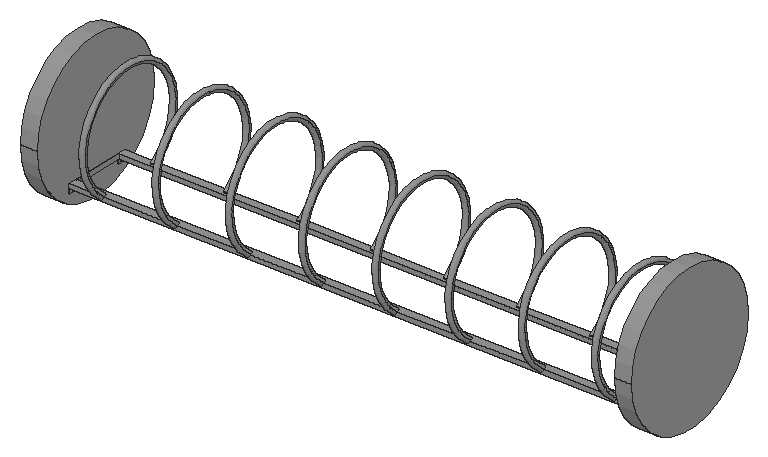
Revit family "Велосипедная парковка гранитная ГП-011", category Антураж, Revit 2017
Family settings
  На основе рабочей плоскости = Нет
  Всегда вертикально = Да
  При загрузке вырезать с полостями = Нет
  Источник визуального образа = Геометрия семейства
  Общий = Нет
  Точка расчета площади = Нет
Parameters (values of type "Велосипедная парковка гранитная ГП-011")
  Изготовитель = "ООО \"Хоббика\""
  Высота = 0 mm
  URL = "https://hobbyka.ru/product/velosipednaya_parkovka_granitnaya_gp011/?sphrase_id=69550#close_popup_window"
  ADSK_Размер_Ширина = 500 mm
  ADSK_Размер_Длина = 2100 mm
  ADSK_Размер_Высота = 500 mm
  ADSK_Наименование = "Велосипедная парковка гранитная ГП-011"
  ADSK_Материал опоры = Гранит
  ADSK_Материал велопарковки = Сталь, хромированная
  ADSK_Код изделия = "10875"
Reference planes
  plane 1 "По центру (Вперед/Назад)": y = 0
  plane 2: z = 0
  plane 3 "По центру (Влево/Вправо)": x = 0
Forms (mm)
  Extrusion 1, solid, material "Сталь, хромированная" <- "ADSK_Материал велопарковки"
    sketch origin (0, 0, 0) x (1, 0, 0) y (0, 1, 0)
      loop
        line (-990, 107.179) -> (-990, 77.179) -> (990, 77.179) -> (990, 107.179) -> (-990, 107.179)
      loop
        line (990, -101.962) -> (-990, -101.962) -> (-990, -131.962) -> (990, -131.962) -> (990, -101.962)
    from 80 to 95
  Extrusion 2, solid, material "Сталь, хромированная" <- "ADSK_Материал велопарковки"
    sketch origin (0, 0, 0) x (1, 0, 0) y (0, 1, 0)
      loop
        line (-985, 107.179) -> (-990, 107.179) -> (-990, -131.962) -> (-985, -131.962) -> (-985, 107.179)
      loop
        line (985, 107.179) -> (985, -131.962) -> (990, -131.962) -> (990, 107.179) -> (985, 107.179)
    from 80 to 95
  Extrusion 3, solid, material "Сталь, хромированная" <- "ADSK_Материал велопарковки"
    sketch origin (0, 0, 0) x (1, 0, 0) y (0, 1, 0)
      loop
        line (990, 77.179) -> (990, 107.179) -> (985, 107.179) -> (985, 77.179) -> (990, 77.179)
      loop
        line (985, -101.962) -> (985, -131.962) -> (990, -131.962) -> (990, -101.962) -> (985, -101.962)
      loop
        line (-990, 77.179) -> (-985, 77.179) -> (-985, 107.179) -> (-990, 107.179) -> (-990, 77.179)
      loop
        line (-985, -101.962) -> (-990, -101.962) -> (-990, -131.962) -> (-985, -131.962) -> (-985, -101.962)
    from 65 to 80
  Sweep 4, solid, material "Сталь, хромированная" <- "ADSK_Материал велопарковки"
    path origin (-1760.5, 0, 0) x (0, 1, 0) y (0, 0, 1)
      loop
        arc (95.692, 87.824) -> (-11.271, 444.889) -> (-122.333, 89.078) r 194.893
    profile origin (-1760.5, -11.271, 444.889) x (0, -0.005752, -0.999983) y (1, 0, 0)
      loop
        circle (0, 880.5) r 10
  Extrusion 5, solid, material "Сталь, хромированная" <- "ADSK_Материал велопарковки"
    sketch origin (985, -109.638, 0) x (0, 1, 0) y (0, 0, -1)
      loop
        circle (-7.324, -72.5) r 5
      loop
        circle (201.816, -72.5) r 5
    from 0 to 1
  Extrusion 6, solid, material "Сталь, хромированная" <- "ADSK_Материал велопарковки"
    sketch origin (-985, -109.638, 0) x (0, 1, 0) y (0, 0, 1)
      loop
        circle (-7.324, 72.5) r 5
      loop
        circle (201.816, 72.5) r 5
    from 0 to 1
  Extrusion 7, solid, material "Гранит" <- "ADSK_Материал опоры"
    sketch origin (0, 0, 0) x (0, 1, 0) y (0, 0, 1)
      loop
        circle (-12.392, 250) r 249.893
    from -1050 to -990
  Extrusion 8, solid, material "Гранит" <- "ADSK_Материал опоры"
    sketch origin (0, 0, 0) x (0, 1, 0) y (0, 0, -1)
      loop
        circle (-12.392, -250) r 249.893
    from -1050 to -990
  Sweep 9, solid, material "Сталь, хромированная" <- "ADSK_Материал велопарковки"
    path origin (-1509, 0, 0) x (0, 1, 0) y (0, 0, 1)
      loop
        arc (95.692, 87.824) -> (-11.271, 444.889) -> (-122.333, 89.078) r 194.893
    profile origin (-1509, -11.271, 444.889) x (0, -0.005752, -0.999983) y (1, 0, 0)
      loop
        circle (0, 880.5) r 10
  Sweep 10, solid, material "Сталь, хромированная" <- "ADSK_Материал велопарковки"
    path origin (-1257.5, 0, 0) x (0, 1, 0) y (0, 0, 1)
      loop
        arc (95.692, 87.824) -> (-11.271, 444.889) -> (-122.333, 89.078) r 194.893
    profile origin (-1257.5, -11.271, 444.889) x (0, -0.005752, -0.999983) y (1, 0, 0)
      loop
        circle (0, 880.5) r 10
  Sweep 11, solid, material "Сталь, хромированная" <- "ADSK_Материал велопарковки"
    path origin (-1006, 0, 0) x (0, 1, 0) y (0, 0, 1)
      loop
        arc (95.692, 87.824) -> (-11.271, 444.889) -> (-122.333, 89.078) r 194.893
    profile origin (-1006, -11.271, 444.889) x (0, -0.005752, -0.999983) y (1, 0, 0)
      loop
        circle (0, 880.5) r 10
  Sweep 12, solid, material "Сталь, хромированная" <- "ADSK_Материал велопарковки"
    path origin (-754.5, 0, 0) x (0, 1, 0) y (0, 0, 1)
      loop
        arc (95.692, 87.824) -> (-11.271, 444.889) -> (-122.333, 89.078) r 194.893
    profile origin (-754.5, -11.271, 444.889) x (0, -0.005752, -0.999983) y (1, 0, 0)
      loop
        circle (0, 880.5) r 10
  Sweep 13, solid, material "Сталь, хромированная" <- "ADSK_Материал велопарковки"
    path origin (-503, 0, 0) x (0, 1, 0) y (0, 0, 1)
      loop
        arc (95.692, 87.824) -> (-11.271, 444.889) -> (-122.333, 89.078) r 194.893
    profile origin (-503, -11.271, 444.889) x (0, -0.005752, -0.999983) y (1, 0, 0)
      loop
        circle (0, 880.5) r 10
  Sweep 14, solid, material "Сталь, хромированная" <- "ADSK_Материал велопарковки"
    path origin (-251.5, 0, 0) x (0, 1, 0) y (0, 0, 1)
      loop
        arc (95.692, 87.824) -> (-11.271, 444.889) -> (-122.333, 89.078) r 194.893
    profile origin (-251.5, -11.271, 444.889) x (0, -0.005752, -0.999983) y (1, 0, 0)
      loop
        circle (0, 880.5) r 10
  Sweep 15, solid, material "Сталь, хромированная" <- "ADSK_Материал велопарковки"
    path origin (0, 0, 0) x (0, 1, 0) y (0, 0, 1)
      loop
        arc (95.692, 87.824) -> (-11.271, 444.889) -> (-122.333, 89.078) r 194.893
    profile origin (0, -11.271, 444.889) x (0, -0.005752, -0.999983) y (1, 0, 0)
      loop
        circle (0, 880.5) r 10
Cuts and joins
  joined: Extrusion 1, Extrusion 2, Extrusion 3, Sweep 4, Extrusion 5, Extrusion 6, Sweep 9, Sweep 10, Sweep 11, Sweep 12, Sweep 13, Sweep 14, Sweep 15
Dimensions and locks
  equal spacing: group 1, group 2, group 3, group 4, group 5, group 6, group 7, group 8  (x3)
  aligned and locked: level to plane 2
